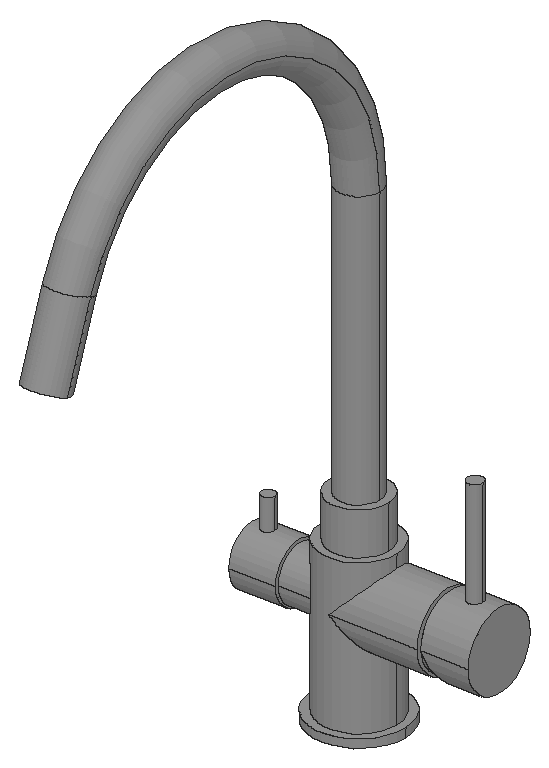
Revit family "Alma-KMFLGM20-Fleta 3 Way Filter Water Tap-Gunmetal", category Plumbing Fixtures, Revit 2022
Family settings
  Round Connector Dimension = Use Diameter
  Part Type = Normal
  OmniClass Number = 23.45.00.00
  OmniClass Title = Sanitary, Laundry, and Cleaning Equipment
  Work Plane-Based = No
  Always vertical = Yes
  Cut with Voids When Loaded = No
  Maintain Annotation Orientation = No
  Shared = No
  Room Calculation Point = No
Parameters (values of type "Fleta Gunmetal")
  URL = "https://www.buildmat.com.au/products/fleta-brushed-gunmetal-3-way-filter-water-tap"
  Tap Material = Alma Gunmetal
  Model = "KMFLGM20"  # constant formula
  Manufacturer = "BUILDMAT"  # constant formula
  Description = "Fleta 3 Way Filter Water Tap"  # constant formula
  Default Elevation = 0 mm
  Created = "22.12.2023"  # constant formula
  Brand = "Alma"  # constant formula
Reference planes
  plane 1 "Center (Front/Back)": y = 0
  plane 2 "Bottom": z = 0
  plane 3 "Center (Left/Right)": x = 0
  plane 4: y = -230
  plane 5 "Top": z = 405
  plane 6: z = 95
  plane 7: z = 275
  plane 8: z = 42.5
  plane 9: z = 150
  plane 10: x = 82.5
  plane 11: z = 120
  plane 12: x = -62.5
  plane 13: z = 100
Forms (mm)
  Extrusion 1, solid, material "Alma Gunmetal" <- "Tap Material"
    sketch origin (0, 0, 0) x (1, 0, 0) y (0, 1, 0)
      loop
        circle (0, 0) r 27.5
    from 0 to 5
  Extrusion 2, solid, material "Alma Gunmetal" <- "Tap Material"
    sketch origin (0, 0, 0) x (1, 0, 0) y (0, 1, 0)
      loop
        circle (0, 0) r 22.5
    from 5 to 95
  Sweep 3, solid, material "Alma Gunmetal" <- "Tap Material"
    path origin (0, 0, 0) x (0, 1, 0) y (0, 0, 1)
      loop
        line (0, 120) -> (0, 282.5)
        arc (0, 282.5) -> (-90.677, 390.789) -> (-213.211, 320.545) r 110
        line (-213.211, 320.545) -> (-230, 275)
    profile origin (0, 0, 201.25) x (0, -1, 0) y (1, 0, 0)
      loop
        circle (0, 0) r 12.5
  Extrusion 4, solid, material "Alma Gunmetal" <- "Tap Material"
    sketch origin (0, 0, -17.5) x (0, 1, 0) y (0, 0, 1)
      loop
        circle (0, 82.5) r 22.5
    from 0 to 52.5
  Extrusion 5, solid, material "Alma Gunmetal" <- "Tap Material"
    sketch origin (0, 0, -17.5) x (0, 1, 0) y (0, 0, 1)
      loop
        circle (0, 82.5) r 20.5
    from 52.5 to 82.5
  Extrusion 6, solid, material "Alma Gunmetal" <- "Tap Material"
    sketch origin (0, 0, -17.5) x (0, 1, 0) y (0, 0, 1)
      loop
        circle (0, 82.5) r 22.5
    from 54.5 to 82.5
  Extrusion 7, void
    sketch origin (0, 0, -17.5) x (1, 0, 0) y (0, 0, 1)
      loop
        line (54.5, 60) -> (64.5, 60) -> (54.5, 82.5) -> (54.5, 60)
    from -22.5 to 22.5
  Extrusion 8, solid, material "Alma Gunmetal" <- "Tap Material"
    sketch origin (0, 0, 0) x (1, 0, 0) y (0, 1, 0)
      loop
        circle (68.5, 0) r 4.5
    from 65 to 150
  Extrusion 9, solid, material "Alma Gunmetal" <- "Tap Material"
    sketch origin (0, 0, 0) x (1, 0, 0) y (0, 1, 0)
      loop
        circle (0, 0) r 17.5
    from 95 to 120
  Extrusion 10, solid, material "Alma Gunmetal" <- "Tap Material"
    sketch origin (0, 0, 0) x (0, 1, 0) y (0, 0, 1)
      loop
        circle (0, 65) r 16
    from 0 to -35
  Extrusion 11, solid, material "Alma Gunmetal" <- "Tap Material"
    sketch origin (0, 0, 0) x (0, 1, 0) y (0, 0, 1)
      loop
        circle (0, 65) r 17.5
    from -35 to -62.5
  Extrusion 12, solid, material "Alma Gunmetal" <- "Tap Material"
    sketch origin (-120, 0, 0) x (1, 0, 0) y (0, 1, 0)
      loop
        circle (66.5, 0) r 4
    from 65 to 100
Cuts and joins
  Extrusion 7 cuts Extrusion 6
  joined: Extrusion 1, Extrusion 2, Sweep 3, Extrusion 4, Extrusion 5, Extrusion 6, Extrusion 8, Extrusion 9, Extrusion 10, Extrusion 11, Extrusion 12
Lines and regions (mm)
  symbolic lines, style "Axis"
    curve 1: line (0, 0, 0) -> (0, 0, 282.5)
    curve 2: line (0, 0, 0) -> (0, 0, 435)
    curve 3: arc (0, -213.211, 320.545) -> (0, -90.677, 390.789) -> (0, 0, 282.5) r 110
    curve 4: line (0, -213.211, 320.545) -> (0, -230, 275)
Text (mm)
  text "Refer to www.buildmat.com.au for the most current product literature. \nAllow a +/- 5mm tolerance for dimensions shown in the product literature. \nPlease note product details are subject to change due to ongoing product development." at (0.056, -1035.857, 0), in view "Ref. Level"
Dimensions and locks
  plane 4 to plane 1 "Center (Front/Back)" = 230 mm
  plane 5 "Top" to plane 2 "Bottom" = 405 mm
  plane 11 to plane 6 to plane 2 "Bottom" = 25 mm, 95 mm
  plane 7 to plane 2 "Bottom" = 275 mm
  plane 9 to plane 8 to plane 2 "Bottom" = 107.5 mm, 42.5 mm
  plane 12 to plane 10 = 145 mm
  plane 13 to plane 8 = 57.5 mm
  aligned and locked: level to plane 2 "Bottom"
  aligned and locked: plane 6 to cut or joined group of Extrusion 1, Extrusion 2, Sweep 3, Extrusion 4, Extrusion 5, Extrusion 6, Extrusion 7, Extrusion 8, Extrusion 9, Extrusion 10, Extrusion 11, Extrusion 12
  aligned and locked: plane 11 to Sweep 3 sketch curve
  aligned and locked: plane 13 to Extrusion 12
